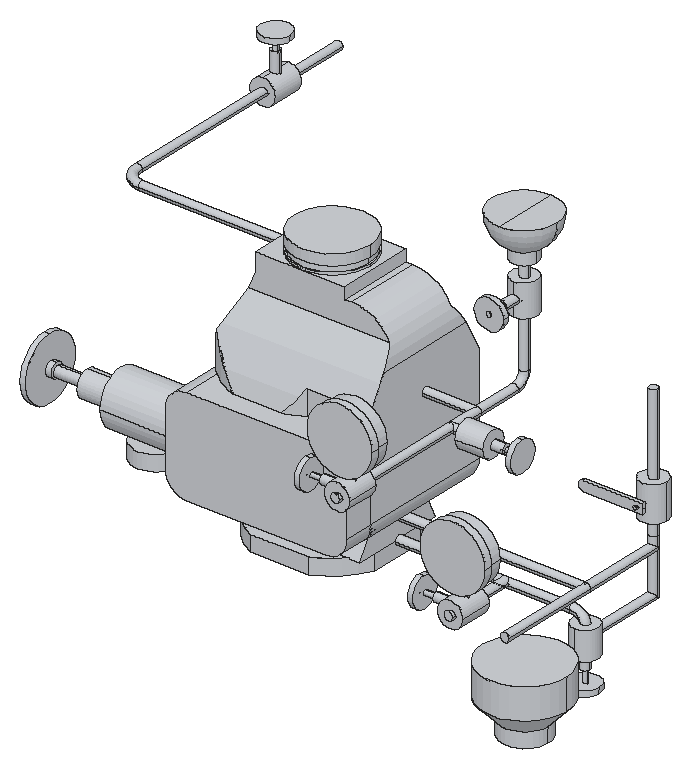
Revit family
Reference planes (in)
  plane 1 "Center (Front/Back)": y = 0
  plane 2: z = 0
  plane 3 "Center (Left/Right)": x = 0
Dimensions and locks (in)
  aligned and locked: plane 2 to level
Nested families (in)
  nested 1: "4DGFTG" at (0, 5, 0), type "RASCO 4IN. DRY VALVE W/ TRIM"
Connectors (in)
  piping at (1, 0.25, 19.5)
    settings: on nested 1, index 1, connector radius 2 1/4", flow factor 0, pipe flow 0 GPM, pressure drop 0.00 psi, fitting loss kfactor 0, connector angle 0.00°, fixture units 0, flow configuration 0, flow direction 0, fitting loss method 0, system type 7, connector reference index -1, connector utility 0, adjustable connector no, is connector primary yes, fitting loss table "", connector description ""
  piping at (16, -4.25, 0)
    settings: on nested 1, index 2, connector radius 1 1/2", flow factor 0, pipe flow 0 GPM, pressure drop 0.00 psi, fitting loss kfactor 0, connector angle 0.00°, fixture units 0, flow configuration 0, flow direction 0, fitting loss method 0, system type 7, connector reference index -1, connector utility 0, adjustable connector no, is connector primary no, fitting loss table "", connector description ""
  piping at (1.58913, -0.33943, 3.5)
    settings: on nested 1, index 3, connector radius 4", flow factor 0, pipe flow 0 GPM, pressure drop 0.00 psi, fitting loss kfactor 0, connector angle 0.00°, fixture units 0, flow configuration 0, flow direction 0, fitting loss method 0, system type 7, connector reference index -1, connector utility 0, adjustable connector no, is connector primary no, fitting loss table "", connector description ""
  piping at (-9.44288, 0.23103, 3.74581)
    settings: on nested 1, index 4, connector radius 1 1/2", flow factor 0, pipe flow 0 GPM, pressure drop 0.00 psi, fitting loss kfactor 0, connector angle 0.00°, fixture units 0, flow configuration 0, flow direction 0, fitting loss method 0, system type 7, connector reference index -1, connector utility 0, adjustable connector no, is connector primary no, fitting loss table "", connector description ""
Definition of nested family "4DGFTG"
  Reference planes (in)
    plane 1 "Center (Front/Back)": y = 0
    plane 2: z = 0
    plane 3 "Center (Left/Right)": x = 0
    plane 4 "side1": x = -16
    plane 5 "side2": x = 18.5
    plane 6 "front": y = 11.25
    plane 7 "back": y = -11.25
    plane 8 "valve center": x = 1
    plane 9 "center of valve 2": y = -4.75
    plane 10: z = 3.5
    plane 11 "front2": y = -15.25
  Forms (in)
    Sweep 1, solid
      path origin (0, -11.25, 0.05672) x (0, 0, 1) y (1, 0, 0)
        loop
          line (6.22171, -7.21556) -> (6.22171, -5.50223)
      profile origin (-6.3589, -11.25, 6.27842) x (0, 0, -1) y (0, 1, 0)
        loop
          circle (0, 6.46554) r 1
    Sweep 2, solid
      path origin (0.0014, -0.01398, 0) x (1, 0, 0) y (0, 1, 0)
        loop
          line (-1.75, -4.75) -> (-10.29154, -4.75)
          arc (-10.29154, -4.75) -> (-11.10942, -4.41123) -> (-11.44819, -3.59335) r 1.15665
          line (-11.44819, -3.59335) -> (-11.44819, 11.25)
      profile origin (-6.01937, -4.76398, 0) x (0, -1, 0) y (0, 0, 1)
        loop
          circle (0, 17.88939) r 0.25
    Sweep 3, solid
      path origin (-0.05726, 0.02144, -1.80116) x (1, 0, 0) y (0, 1, 0)
        loop
          line (6.47318, -4.75) -> (9.62654, -4.75)
      profile origin (7.9926, -4.72856, -1.80116) x (0, 1, 0) y (0, 0, 1)
        loop
          circle (0, 14.65846) r 0.25
    Sweep 4, solid
      path origin (0, 0.02144, -1.89062) x (0, 1, 0) y (0, 0, 1)
        loop
          line (-1.25, 21.5) -> (-1.25, 15.5)
          arc (-1.25, 15.5) -> (-1.46967, 14.96967) -> (-2, 14.75) r 0.75
          line (-2, 14.75) -> (-4.75, 14.75) -> (-15.25, 14.75)
      profile origin (0, -9.97856, 12.85938) x (0, 0, -1) y (1, 0, 0)
        loop
          circle (0, 9.5556) r 0.25
    Sweep 5, solid
      path origin (0, -0.28001, 12.85578) x (1, 0, 0) y (0, 1, 0)
        loop
          line (9.50758, -6.32425) -> (11.75758, -6.32425)
      profile origin (10.63258, -6.60426, 12.85578) x (0, 1, 0) y (0, 0, 1)
        loop
          circle (0, 0) r 0.25
    Sweep 6, solid
      path origin (0, -11.25, -0.00424) x (0, 0, 1) y (1, 0, 0)
        loop
          line (4.4375, 4.89075) -> (4.4375, 15.25)
          arc (4.4375, 15.25) -> (4.21783, 15.78033) -> (3.6875, 16) r 0.75
          line (3.6875, 16) -> (2.9375, 16)
      profile origin (10.07038, -11.25, 4.43326) x (0, 0, -1) y (0, 1, 0)
        loop
          circle (0, 6.49921) r 0.25
    Sweep 7, solid
      path origin (0.01415, -11.25, -0.10665) x (0, 0, 1) y (1, 0, 0)
        loop
          line (5.87512, 4.89075) -> (5.87512, 16)
      profile origin (10.45953, -11.25, 5.76846) x (0, 0, -1) y (0, 1, 0)
        loop
          circle (0, 6.50994) r 0.25
    Sweep 8, solid
      path origin (0, 0, -0.00509) x (0, 1, 0) y (0, 0, 1)
        loop
          line (0.25, 5.77377) -> (-4.75, 5.77377) -> (-10.75, 5.77377)
      profile origin (0, -7.75, 5.76868) x (0, 0, -1) y (1, 0, 0)
        loop
          circle (0, 16.02274) r 0.25
    Sweep 9, solid
      path origin (0, 0, 0.04979) x (0, 1, 0) y (0, 0, 1)
        loop
          line (-4.75, 4.4375) -> (-9, 4.4375)
      profile origin (0, -6.875, 4.48729) x (0, 0, -1) y (1, 0, 0)
        loop
          circle (0, 11.27893) r 0.25
    Sweep 10, solid
      path origin (0, 0.0255, -0.06528) x (0, 1, 0) y (0, 0, 1)
        loop
          line (-4.75, 3.25) -> (0.25, 3.25) -> (0.25, 6.5) -> (0.25, 14.25)
      profile origin (0, -2.2245, 3.18472) x (0, 0, 1) y (1, 0, 0)
        loop
          circle (0, 16.00189) r 0.25
  Lines and regions (in)
    model lines
      curve 1: line (-16, 11.25, 0) -> (18.5, 11.25, 0)
      curve 2: line (18.5, 11.25, 0) -> (18.5, -15.5, 0)
      curve 3: line (18.5, -15.5, 0) -> (-16, -15.5, 0)
      curve 4: line (-16, -15.5, 0) -> (-16, 11.25, 0)
      curve 5: line (-16, 11.25, 0) -> (-16, 11.25, 22)
      curve 6: line (-16, -15.25, 0) -> (-16, -15.25, 22)
      curve 7: line (-16, -15.25, 22) -> (-16, 11.25, 22)
      curve 8: line (18.5, 11.25, 0) -> (18.5, 11.25, 22)
      curve 9: line (18.5, 11.25, 22) -> (18.5, -15.25, 22)
      curve 10: line (18.5, -15.25, 22) -> (18.5, -15.25, 0)
      curve 11: line (16, 11.25, 22) -> (-16, 11.25, 22)
      curve 12: line (18.5, 11.25, 22) -> (-16, 11.25, 22)
      curve 13: line (18.5, -15.25, 22) -> (18.5, 11.25, 22)
      curve 14: line (-16, 11.25, 22) -> (18.5, 11.25, 22)
      curve 15: line (-16, -15.25, 22) -> (18.5, -15.25, 22)
  Dimensions and locks (in)
    aligned and locked: plane 2 to level
  Nested families (in)
    nested 1: "Drip Cup" at (16, -9.25, 0), type "RASCO Drip Cup"
    nested 2: "Globe Valve2" at (9.75, -14.47856, 11.58688), type "RASCO Globe Valve"
    nested 3: "Globe Valve2" at (11.48476, -8.25, 3.20819), type "RASCO Globe Valve"
    nested 4: "Gauge" at (9.5714, -13.72856, 9.36202), type "RASCO Gauge"
    nested 5: "Gauge" at (11.28297, -7.5, 1.00525), type "RASCO Gauge"
    nested 6: "Priming Cup" at (9.5714, -1.25, 19.5), type "Priming Cup"
    nested 7: "Angle valve" at (-12.25, -4.75, 3.74581), type "RASCO Valve, Angle , 2""
    nested 8: "Globe Valve3" at (10.67508, -2.5, 16.35218), type "RASCO Globe Valve"
    nested 9: "Globe Valve7" at (17.132, -5.5, 0.88066), type "RASCO Globe Valve"
    nested 10: "Globe Valve8" at (13.25, -7.36713, 11.48406), type "RASCO Globe Valve"
    nested 11: "Ball Valve" at (13.38162, 0.25, 7.40334), type "Ball Valve"
    nested 12: "Globe Valve9" at (-10.32961, 6.25, 17.54219), type "RASCO Globe Valve"
    nested 13: "4in.Model D Dry Valve Grooved" at (1, -4.75, 3.5), type "4in.Model D Dry Valve Grooved"
  Definition of nested family "Drip Cup"
    Reference planes (in)
      plane 1 "Center (Front/Back)": y = 0
      plane 2: z = 0
      plane 3 "Center (Left/Right)": x = 0
      plane 4 "ref.2": z = 0.875
      plane 5 "ref.3": z = 2.047
    Forms (in)
      Extrusion 1, solid
        sketch origin (0, 0, 0) x (1, 0, 0) y (0, 1, 0)
          loop
            circle (0, 0) r 1.3865
        from 0 to 0.875
      Blend 2, solid
        base sketch origin (0, 0, 0.875) x (-1, 0, 0) y (0, -1, 0)
          loop
            circle (0, 0) r 1.3865
        top sketch origin (0, 0, 0.875) x (-1, 0, 0) y (0, -1, 0)
          loop
            circle (0, 0) r 2.475
        from 0 to 1.172
      Extrusion 3, solid
        sketch origin (0, 0, 2.047) x (-1, 0, 0) y (0, -1, 0)
          loop
            circle (0, 0) r 2.475
        from 0 to 1.828
    Dimensions and locks (in)
      aligned and locked: plane 2 to level
  Definition of nested family "Globe Valve2"
    Parameters (values of type "RASCO Globe Valve")
      Assembly Code = ""
    Reference planes (in)
      plane 1 "Center (Front/Back)": y = 0
      plane 2: z = 0
      plane 3 "Center (Left/Right)": x = 0
      plane 4 "ref. side": x = -0.5
      plane 5 "ref. side2": x = -1.734
      plane 6 "ref. side 4": x = -2.763
    Forms (in)
      Extrusion 1, solid
        sketch origin (-0.22225, -0.51301, 1.26951) x (1, 0, 0) y (0, 0, -1)
          loop
            circle (0, 0) r 0.75
        from -0.07961 to 1.82121
      Extrusion 2, solid
        sketch origin (-1.77701, -0.51016, 1.24486) x (0, 1, 0) y (0, 0, 1)
          loop
            circle (0.86289, 0) r 0.265
        from -0.00766 to 1.234
      Extrusion 3, solid
        sketch origin (-1.78467, -0.49129, 1.24486) x (0, -1, 0) y (0, 0, 1)
          loop
            circle (-0.85773, 0) r 0.135
        from 0 to 1.029
      Extrusion 4, solid
        sketch origin (-2.81367, -0.49129, 1.24486) x (0, 1, 0) y (0, 0, 1)
          loop
            circle (0.85138, 0) r 0.87523
        from 0 to 0.3
    Dimensions and locks (in)
      aligned and locked: plane 2 to level
  Definition of nested family "Gauge"
    Reference planes (in)
      plane 1 "Center (Front/Back)": y = 0
      plane 2: z = 0
      plane 3 "Center (Left/Right)": x = 0
      plane 4: z = 7.47962
      plane 5 "ref.2": y = -0.425
      plane 6 "ref.3": z = 5.65212
      plane 7 "refdt": y = -1.191
    Forms (in)
      Extrusion 1, solid
        sketch origin (0, -1.191, -1.051) x (-1, 0, 0) y (0, 0, 1)
          loop
            circle (0, 7.47962) r 1.9225
        from 0 to 0.425
      Extrusion 2, solid
        sketch origin (0, -0.766, -1.051) x (0, 0, 1) y (1, 0, 0)
          loop
            circle (7.47962, 0) r 1.8275
        from 0 to 0.766
      Extrusion 3, solid
        sketch origin (0, -1.191, 4.60112) x (1, 0, 0) y (0, 1, 0)
          loop
            circle (0, 0.80101) r 0.2725
        from 0 to -1.146
    Lines and regions (in)
      model lines
        curve 1: arc (-1.6525, -1.191, 6.42862) -> (0, -1.191, 8.08112) -> (1.6525, -1.191, 6.42862) r 1.6525
        curve 2: arc (-1.4775, -1.191, 6.42862) -> (0, -1.191, 7.90612) -> (1.4775, -1.191, 6.42862) r 1.4775
        curve 3: line (-1.6525, -1.191, 6.42862) -> (-1.4775, -1.191, 6.42862)
        curve 4: line (1.4775, -1.191, 6.42862) -> (1.6525, -1.191, 6.42862)
        curve 5: line (-0.53387, -1.191, 6.23266) -> (0.86594, -1.191, 7.32631)
        curve 6: line (0.86594, -1.191, 7.32631) -> (-0.38079, -1.191, 6.07958)
        curve 7: line (-0.38079, -1.191, 6.07958) -> (-0.53387, -1.191, 6.23266)
    Dimensions and locks (in)
      aligned and locked: plane 2 to level
  Definition of nested family "Priming Cup"
    Reference planes (in)
      plane 1 "Center (Front/Back)": y = 0
      plane 2: z = 0
      plane 3 "Center (Left/Right)": x = 0
    Forms (in)
      Revolve 1, solid
        sketch origin (0.00127, 0, -2.163) x (1, 0, 0) y (0, 0, 1)
          loop
            line (0, 2.70312) -> (0, 6.54687)
            arc (0, 6.54687) -> (-1.92187, 4.625) -> (0, 2.70312) r 1.92188
          axis (0, 6.54687) -> (0, 2.70312)
        angle from 0 to 360
      Extrusion 2, solid
        sketch origin (0, 0, 0) x (1, 0, 0) y (0, 1, 0)
          loop
            circle (0, 0) r 0.75
        from 0 to 0.69585
      Extrusion 3, void
        sketch origin (0, 0, 0) x (1, 0, 0) y (0, 0, 1)
          loop
            line (0, 2.5) -> (2, 2.5) -> (2, 4.59324) -> (-2, 4.59324) -> (-2, 2.5) -> (0, 2.5)
        from -2.04052 to 2.13292
    Cuts and joins
      Extrusion 3 cuts Revolve 1
    Dimensions and locks (in)
      aligned and locked: plane 2 to level
  Definition of nested family "Angle valve"
    Parameters (values of type "RASCO Valve, Angle , 2"")
      Assembly Code = ""
    Reference planes (in)
      plane 1 "Center (Front/Back)": y = 0
      plane 2: z = 0
      plane 3 "Center (Left/Right)": x = 0
      plane 4 "ref.2": z = 0.92023
      plane 5 "ref.3": z = 6.346
      plane 6 "ref.4": z = 8.166
      plane 7 "ref.5": z = 8.566
      plane 8 "ref. side": x = -3.47
    Forms (in)
      Extrusion 1, solid
        sketch origin (5.096, 4.73344, 2.5051) x (0, 0, -1) y (0, -1, 0)
          loop
            circle (0, 4.75241) r 1.57537
        from 0 to 4.346
      Extrusion 2, solid
        sketch origin (-1.25, -0.00215, -0.07247) x (0, 0, 1) y (0, -1, 0)
          loop
            circle (2.5928, 0) r 0.77644
        from 0 to 2
      Extrusion 3, solid
        sketch origin (-3.07, 0.00814, -2.20396) x (0, 0, 1) y (0, -1, 0)
          loop
            circle (4.75241, 0) r 0.3125
        from 0 to 1.82
      Extrusion 4, solid
        sketch origin (-3.47, 0.00814, -2.1883) x (0, 0, 1) y (0, -1, 0)
          loop
            circle (4.75241, 0) r 0.4125
        from 0 to 0.4
      Extrusion 5, solid
        sketch origin (-3.77, -0.00215, -2.22178) x (0, 0, 1) y (0, -1, 0)
          loop
            circle (4.75241, 0) r 1.85
        from 0 to 0.3
      Extrusion 6, solid
        sketch origin (2.80712, 2.8536, 0) x (1, 0, 0) y (0, 1, 0)
          loop
            circle (0, -2.87257) r 1.335
        from 0 to 0.92
    Dimensions and locks (in)
      aligned and locked: plane 2 to level
  Definition of nested family "Globe Valve3"
    Parameters (values of type "RASCO Globe Valve")
      Assembly Code = ""
    Reference planes (in)
      plane 1 "Center (Front/Back)": y = 0
      plane 2: z = 0
      plane 3 "Center (Left/Right)": x = 0
      plane 4 "ref. side": x = -0.5
      plane 5 "ref. side2": x = -1.734
      plane 6 "ref. side 4": x = -2.763
    Forms (in)
      Extrusion 1, solid
        sketch origin (-1.12772, 1.27849, 0.36465) x (0, 1, 0) y (-1, 0, 0)
          loop
            circle (0, 0) r 0.75
        from -0.06079 to 1.82121
      Extrusion 2, solid
        sketch origin (-1.15237, -0.27626, 0.3675) x (0, 0, 1) y (1, 0, 0)
          loop
            circle (0.86289, 0) r 0.265
        from -0.00766 to 1.234
      Extrusion 3, solid
        sketch origin (-1.15237, -0.28392, 0.38638) x (0, 0, -1) y (1, 0, 0)
          loop
            circle (-0.85773, 0) r 0.135
        from 0 to 1.029
      Extrusion 4, solid
        sketch origin (-1.15237, -1.31292, 0.38638) x (0, 0, 1) y (1, 0, 0)
          loop
            circle (0.85138, 0) r 0.87523
        from 0 to 0.3
    Dimensions and locks (in)
      aligned and locked: plane 2 to level
  Definition of nested family "Globe Valve7"
    Parameters (values of type "RASCO Globe Valve")
      Assembly Code = ""
    Reference planes (in)
      plane 1 "Center (Front/Back)": y = 0
      plane 2: z = 0
      plane 3 "Center (Left/Right)": x = 0
      plane 4 "ref. side": x = -0.5
      plane 5 "ref. side2": x = -1.734
      plane 6 "ref. side 4": x = -2.763
    Forms (in)
      Extrusion 1, solid
        sketch origin (-1.12772, 0.72828, 1.21905) x (0, 1, 0) y (-1, 0, 0)
          loop
            circle (0, 0) r 0.75
        from 0.16557 to 1.82121
      Extrusion 2, solid
        sketch origin (-1.15237, 1.62964, 0.35836) x (0, -1, 0) y (1, 0, 0)
          loop
            circle (0.86289, 0) r 0.265
        from 0.27626 to 1.02626
      Extrusion 3, solid
        sketch origin (-1.15237, 1.60446, -0.39438) x (1, 0, 0) y (0, 1, 0)
          loop
            circle (0, -0.85773) r 0.135
        from 0 to 1.029
      Extrusion 4, solid
        sketch origin (-1.15237, 1.5397, -0.39438) x (0, -1, 0) y (1, 0, 0)
          loop
            circle (0.85138, 0) r 0.87523
        from 0 to 0.3
    Dimensions and locks (in)
      aligned and locked: plane 2 to level
  Definition of nested family "Globe Valve8"
    Parameters (values of type "RASCO Globe Valve")
      Assembly Code = ""
    Reference planes (in)
      plane 1 "Center (Front/Back)": y = 0
      plane 2: z = 0
      plane 3 "Center (Left/Right)": x = 0
      plane 4 "ref. side": x = -0.5
      plane 5 "ref. side2": x = -1.734
      plane 6 "ref. side 4": x = -2.763
    Forms (in)
      Extrusion 1, solid
        sketch origin (-1.04848, 0.72828, 1.34759) x (0, 1, 0) y (0, 0, -1)
          loop
            circle (0, 0) r 0.75
        from 0.16557 to 1.82121
      Extrusion 2, solid
        sketch origin (-0.18779, 1.62964, 1.32294) x (0, -1, 0) y (0, 0, 1)
          loop
            circle (0.86289, 0) r 0.265
        from 0.27626 to 1.02626
      Extrusion 3, solid
        sketch origin (-0.76405, 1.60446, 1.33844) x (0, 1, 0) y (0, 0, 1)
          loop
            circle (-0.85773, 0) r 0.135
        from 0 to 1.029
      Extrusion 4, solid
        sketch origin (0.56495, 1.5397, 1.32294) x (0, -1, 0) y (0, 0, 1)
          loop
            circle (0.85138, 0) r 0.87523
        from 0 to 0.3
    Dimensions and locks (in)
      aligned and locked: plane 2 to level
  Definition of nested family "Ball Valve"
    Reference planes (in)
      plane 1 "Center (Front/Back)": y = 0
      plane 2: z = 0
      plane 3 "Center (Left/Right)": x = 0
      plane 4 "ref.2": z = 1.03
      plane 5 "ref. handle": y = -1.36107
    Forms (in)
      Extrusion 1, solid
        sketch origin (2.63014, 0, 0) x (0, 1, 0) y (-1, 0, 0)
          loop
            circle (0, 0) r 0.79097
        from 0 to 2.06
      Extrusion 2, solid
        sketch origin (2.63014, 0, 2.06) x (-1, 0, 0) y (0, 0, -1)
          loop
            circle (0, 1.03) r 0.105
        from 0.69684 to 1.36107
      Extrusion 3, solid
        sketch origin (2.63014, -1.36107, 2.06819) x (0, 0, -1) y (1, 0, 0)
          loop
            line (1.03, 0.37389) -> (0.735, 0.37389) -> (0.735, -3.12611)
            arc (0.735, -3.12611) -> (1.03, -3.42111) -> (1.325, -3.12611) r 0.295
            line (1.325, -3.12611) -> (1.325, 0.37389) -> (1.03, 0.37389)
        from -0.26148 to -0.09542
    Dimensions and locks (in)
      aligned and locked: plane 2 to level
  Definition of nested family "Globe Valve9"
    Parameters (values of type "RASCO Globe Valve")
      Assembly Code = ""
    Reference planes (in)
      plane 1 "Center (Front/Back)": y = 0
      plane 2: z = 0
      plane 3 "Center (Left/Right)": x = 0
      plane 4 "ref. side": x = -0.5
      plane 5 "ref. side2": x = -1.734
      plane 6 "ref. side 4": x = -2.763
    Forms (in)
      Extrusion 1, solid
        sketch origin (-1.11831, -0.51301, 0.32415) x (0, 0, -1) y (-1, 0, 0)
          loop
            circle (0, 0) r 0.75
        from -0.07961 to 1.82121
      Extrusion 2, solid
        sketch origin (-1.13277, -0.51016, 0.93126) x (1, 0, 0) y (0, 1, 0)
          loop
            circle (0, 0.86289) r 0.265
        from -0.00766 to 1.234
      Extrusion 3, solid
        sketch origin (-1.14296, -0.49129, 1.88657) x (0, -1, 0) y (1, 0, 0)
          loop
            circle (-0.85773, 0) r 0.135
        from 0 to 1.029
      Extrusion 4, solid
        sketch origin (-1.14296, -0.49129, 2.91557) x (1, 0, 0) y (0, 1, 0)
          loop
            circle (0, 0.85138) r 0.87523
        from 0 to 0.3
    Dimensions and locks (in)
      aligned and locked: plane 2 to level
  Definition of nested family "4in.Model D Dry Valve Grooved"
    Reference planes (in)
      plane 1 "Center (Front/Back)": y = 0
      plane 2: z = 0
      plane 3 "Center (Left/Right)": x = 0
      plane 4 "top of valve": z = 16
      plane 5 "ref.2": z = 0.9375
      plane 6 "cover": y = -5.7597
    Forms (in)
      Extrusion 1, solid
        sketch origin (0, 0, 0) x (1, 0, 0) y (0, 1, 0)
          loop
            arc (3.89075, 1.71013) -> (-3.00745, 3.00296) -> (-1.70431, -3.8933) r 4.25
            line (-1.70431, -3.8933) -> (1.70758, -3.8933)
            arc (1.70758, -3.8933) -> (3.00246, -3.00501) -> (3.89075, -1.71013) r 4.28837
            line (3.89075, -1.71013) -> (3.89075, 1.71013)
        from 0 to 0.9375
      Extrusion 2, solid
        sketch origin (0, 0, 0.9375) x (-1, 0, 0) y (0, -1, 0)
          loop
            arc (-1.7397, -3.9903) -> (5.58709, -0.01799) -> (-1.70941, 4.0097) r 4.75
            line (-1.70941, 4.0097) -> (-5.47318, 4.0097) -> (-5.47318, -3.9903) -> (-1.7397, -3.9903)
        from 0 to 13.9397
      Extrusion 3, void
        sketch origin (0, 0, 0) x (1, 0, 0) y (0, 0, 1)
          loop
            line (-2.75, 15.0625) -> (-5.63666, 15.0625) -> (-5.63666, -0.53033) -> (6.11334, -0.53033) -> (6.64367, 0) -> (6.64367, 16.5625) -> (3.89367, 16.5625) -> (3.89367, 15.0625) -> (2.54653, 15.0625) -> (2.54653, 14.1875) -> (2.97318, 14.1875)
            arc (2.97318, 14.1875) -> (4.74094, 13.45527) -> (5.47318, 11.6875) r 2.5
            line (5.47318, 11.6875) -> (5.47318, 4.00012)
            arc (5.47318, 4.00012) -> (5.10706, 3.11623) -> (4.22318, 2.75012) r 1.25
            line (4.22318, 2.75012) -> (3.89075, 2.75012) -> (3.89075, 0) -> (-4.25, 0) -> (-4.25, 0.9375) -> (-4.80134, 2.22985)
            arc (-4.80134, 2.22985) -> (-5.48799, 5.60485) -> (-4.80134, 8.97985) r 8.63765
            line (-4.80134, 8.97985) -> (-2.75, 13.8125) -> (-2.75, 15.0625)
        from -5.3409 to 5.21886
      Extrusion 4, void
        sketch origin (0, 0, 0) x (0, 1, 0) y (0, 0, 1)
          loop
            line (2.25, 14.8772) -> (2.25, 12.8125)
            arc (2.25, 12.8125) -> (4.6066, 8.05593) -> (4.77058, 2.75012) r 12.46643
            line (4.77058, 2.75012) -> (2.29718, 2.75012)
            arc (2.29718, 2.75012) -> (2.08634, 2.63444) -> (2.07061, 2.39446) r 0.25
            line (2.07061, 2.39446) -> (2.75, 0.9375) -> (4.25, 0.9375) -> (4.25, 0) -> (-3.8933, 0) -> (-3.8933, 0.9375) -> (-2.80172, 0.9375) -> (-1.97171, 2.37512)
            arc (-1.97171, 2.37512) -> (-1.97171, 2.62512) -> (-2.18822, 2.75012) r 0.25
            line (-2.18822, 2.75012) -> (-4.7552, 2.75012)
            arc (-4.7552, 2.75012) -> (-4.6327, 8.06267) -> (-2.25, 12.8125) r 12.12358
            line (-2.25, 12.8125) -> (-2.25, 14.8772) -> (-6.75, 14.8772) -> (-6.75, -2.4375) -> (6.75, -2.4375) -> (6.75, 14.8772) -> (2.25, 14.8772)
        from -6.24342 to 7.87669
      Extrusion 5, solid
        sketch origin (0, 0, 0) x (1, 0, 0) y (0, 0, 1)
          loop
            arc (-4.02682, 8.47793) -> (-4.91071, 8.11182) -> (-5.27682, 7.22793) r 1.25
            line (-5.27682, 7.22793) -> (-5.27682, 4.00012)
            arc (-5.27682, 4.00012) -> (-4.91071, 3.11623) -> (-4.02682, 2.75012) r 1.25
            line (-4.02682, 2.75012) -> (4.22318, 2.75012)
            arc (4.22318, 2.75012) -> (5.10706, 3.11623) -> (5.47318, 4.00012) r 1.25
            line (5.47318, 4.00012) -> (5.47318, 7.22793)
            arc (5.47318, 7.22793) -> (5.10706, 8.11182) -> (4.22318, 8.47793) r 1.25
            line (4.22318, 8.47793) -> (-4.02682, 8.47793)
        from 0 to 5.7597
      Extrusion 6, solid
        sketch origin (0, 0, 0) x (0, 1, 0) y (0, 0, 1)
          loop
            circle (0, 2.75012) r 1.5
        from -4.34464 to -6.59024
      Extrusion 7, solid
        sketch origin (0, 0, 0.9375) x (-1, 0, 0) y (0, -1, 0)
          loop
            circle (0, 0) r 2.25
        from 14.43247 to 15.0625
      Extrusion 8, solid
        sketch origin (0, 0, 0.9375) x (-1, 0, 0) y (0, -1, 0)
          loop
            circle (0, 0) r 2.167
        from 14.0701 to 14.43247
      Extrusion 9, solid
        sketch origin (0, 0, 0.9375) x (-1, 0, 0) y (0, -1, 0)
          loop
            circle (0, 0) r 2.25
        from 13.9397 to 14.0701
    Cuts and joins
      Extrusion 3, Extrusion 4 cuts Extrusion 1
      Extrusion 3, Extrusion 4 cuts Extrusion 2
    Dimensions and locks (in)
      Extrusion 5 to plane 1 "Center (Front/Back)" = 0' - 5.7597"
      aligned and locked: plane 2 to level
